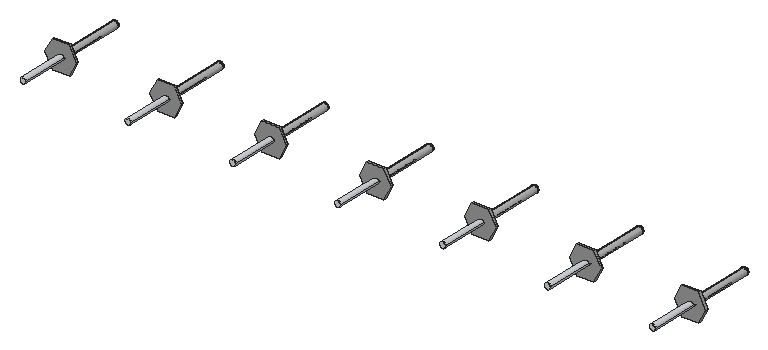
Revit family "Dorn LD - type - Kopi", category Generic Models, Revit 2019
Family settings
  Can host rebar = No
  Round Connector Dimension = Use Diameter
  Part Type = Normal
  Work Plane-Based = Yes
  Always vertical = No
  Cut with Voids When Loaded = No
  Shared = No
  Room Calculation Point = No
Parameters (values of type "16/270 A4")
  Website Link [instance] = "https://haucon.dk/produkt/dorn-ld/#variations"
  Total Width = 270 mm
  Total Length [instance] = 2440 mm
  Technical Data Sheet [instance] = "https://haucon.dk/wp-content/uploads/2018/02/TA-Dorn-LD-TI-DK.pdf"
  Metal = Stainless Steel A4
  Height Dowel [instance] = 0 mm
  Dowel count [instance] = (Total Length / Distance) - 1  # 7
  Distance from start [instance] = 300 mm
  Distance [instance] = 300 mm
  Diameter = 16 mm
  Default Elevation = 1219.2 mm
Reference planes
  plane 1 "Center (Front/Back)": y = 0
  plane 2: z = 0
  plane 3 "Center (Left/Right)": x = 0
  plane 4: x = 2440
  plane 5: x = 300
  plane 6: x = 600
  plane 7: x = 900
  plane 8: x = 1200
  plane 9: x = 1500
  plane 10: x = 1800
  plane 11: x = 2100
Dimensions and locks
  equal spacing: group 1, group 2, group 3, group 4, group 5, group 6, group 7  (x3)
  "Total Length": plane 3 "Center (Left/Right)" to plane 4
  "Distance from start": plane 3 "Center (Left/Right)" to plane 5
  "Distance": plane 5 to plane 6
  aligned and locked: level to plane 2
Nested families
  nested 1: "Family1" at (273.576, 0, 0), Diameter <- "Diameter", Height Dowel <- "Height Dowel", Total Width <- "Total Width", type "Family1"
    with Total Width 270 mm, Height Dowel 0 mm, Diameter 16 mm
  nested 2: "Family1" at (573.576, 0, 0), Diameter <- "Diameter", Height Dowel <- "Height Dowel", Total Width <- "Total Width", type "Family1"
    with Total Width 270 mm, Height Dowel 0 mm, Diameter 16 mm
  nested 3: "Family1" at (873.576, 0, 0), Diameter <- "Diameter", Height Dowel <- "Height Dowel", Total Width <- "Total Width", type "Family1"
    with Total Width 270 mm, Height Dowel 0 mm, Diameter 16 mm
  nested 4: "Family1" at (1173.576, 0, 0), Diameter <- "Diameter", Height Dowel <- "Height Dowel", Total Width <- "Total Width", type "Family1"
    with Total Width 270 mm, Height Dowel 0 mm, Diameter 16 mm
  nested 5: "Family1" at (1473.576, 0, 0), Diameter <- "Diameter", Height Dowel <- "Height Dowel", Total Width <- "Total Width", type "Family1"
    with Total Width 270 mm, Height Dowel 0 mm, Diameter 16 mm
  nested 6: "Family1" at (1773.576, 0, 0), Diameter <- "Diameter", Height Dowel <- "Height Dowel", Total Width <- "Total Width", type "Family1"
    with Total Width 270 mm, Height Dowel 0 mm, Diameter 16 mm
  nested 7: "Family1" at (2073.576, 0, 0), Diameter <- "Diameter", Height Dowel <- "Height Dowel", Total Width <- "Total Width", type "Family1"
    with Total Width 270 mm, Height Dowel 0 mm, Diameter 16 mm
  nested 8: "Glidehylse_LD_16-20 type" at (300, 0, 0) x (0, 1, 0) z (0, 0, 1), type "LD16_Part_S_A4"
    with Elevation Height 0 mm
  nested 9: "Glidehylse_LD_16-20 type" at (600, 0, 0) x (0, 1, 0) z (0, 0, 1), type "LD16_Part_S_A4"
    with Elevation Height 0 mm
  nested 10: "Glidehylse_LD_16-20 type" at (900, 0, 0) x (0, 1, 0) z (0, 0, 1), type "LD16_Part_S_A4"
    with Elevation Height 0 mm
  nested 11: "Glidehylse_LD_16-20 type" at (1200, 0, 0) x (0, 1, 0) z (0, 0, 1), type "LD16_Part_S_A4"
    with Elevation Height 0 mm
  nested 12: "Glidehylse_LD_16-20 type" at (1500, 0, 0) x (0, 1, 0) z (0, 0, 1), type "LD16_Part_S_A4"
    with Elevation Height 0 mm
  nested 13: "Glidehylse_LD_16-20 type" at (1800, 0, 0) x (0, 1, 0) z (0, 0, 1), type "LD16_Part_S_A4"
    with Elevation Height 0 mm
  nested 14: "Glidehylse_LD_16-20 type" at (2100, 0, 0) x (0, 1, 0) z (0, 0, 1), type "LD16_Part_S_A4"
    with Elevation Height 0 mm
Definition of nested family "Family1"
  Parameters (values of type "Family1")
    Total Width [instance] = 320 mm
    Height Dowel [instance] = 100 mm
    Diameter [instance] = 20 mm
    Default Elevation = 1219.2 mm
  Reference planes
    plane 1 "Center (Front/Back)": y = 0
    plane 2: z = 0
    plane 3 "Center (Left/Right)": x = 0
    plane 4: y = 160
    plane 5: y = -160
    plane 6: x = -140
    plane 7: x = 140
    plane 8 "Dowel Height": z = 100
  Forms (mm)
    Extrusion 1, solid
      sketch origin (8.617, 0, 0) x (1, 0, 0) y (0, 0, 1)
        loop
          circle (17.807, 100) r 10
      from -160 to 160
  Dimensions and locks
    plane 6 to plane 7 = 280 mm
    equal spacing: plane 6, plane 3 "Center (Left/Right)", plane 7
    equal spacing: plane 4, plane 1 "Center (Front/Back)", plane 5
    "Total Width": plane 4 to plane 5
    "Height Dowel": plane 8 "Dowel Height" to level
    "Diameter": diameter of Extrusion 1 sketch curve
    aligned and locked: level to plane 2
    aligned and locked: plane 8 "Dowel Height" to Extrusion 1
    aligned and locked: plane 4 to Extrusion 1
    aligned and locked: plane 5 to Extrusion 1
  Automatic sketch dimensions
    Extrusion 1 sketch curve to plane 8 "Dowel Height" = 0 mm
    plane 3 "Center (Left/Right)" to Extrusion 1 sketch curve = 26.424 mm
Definition of nested family "Glidehylse_LD_16-20 type"
  Parameters (values of type "LD16_Part_S_A4")
    Website Link = "https://haucon.dk/produkt/dorn-ld/#variations"
    Total Length = 195 mm
    Technical Data Sheet = "https://haucon.dk/wp-content/uploads/2018/02/TA-Dorn-LD-TI-DK.pdfhttps://haucon.dk/wp-content/uploads/2018/02/TA-Dorn-LD-TI-DK.pdf"
    Sleeve Inner Diameter = 17 mm
    Head = none
    Hexagon Height = 5 mm
    Hexagon Diameter = 80 mm
    Elevation Height = 100 mm
    Default Elevation = 1219.2 mm
    Cylinder = none
    Cap Height = 5 mm
    Base = none
  Types (5, lengths in mm): name | Total Length | Technical Data Sheet | Sleeve Inner Diameter
    (no name) | 195 | "https://haucon.dk/wp-content/uploads/2018/02/TA-Dorn-LD-TI-DK.pdfhttps://haucon.dk/wp-content/uploads/2018/02/TA-Dorn-LD-TI-DK.pdf" | 17
    LD16_Part_S_A4 | 195 | "https://haucon.dk/wp-content/uploads/2018/02/TA-Dorn-LD-TI-DK.pdfhttps://haucon.dk/wp-content/uploads/2018/02/TA-Dorn-LD-TI-DK.pdf" | 17
    LD20_Part_S_A4 | 220 | "https://haucon.dk/wp-content/uploads/2018/02/TA-Dorn-LD-TI-DK.pdf" | 21
    LD20_Part_P | 220 | "https://haucon.dk/wp-content/uploads/2018/02/TA-Dorn-LD-TI-DK.pdf" | 21
    LD16_Part_P | 195 | "https://haucon.dk/wp-content/uploads/2018/02/TA-Dorn-LD-TI-DK.pdfhttps://haucon.dk/wp-content/uploads/2018/02/TA-Dorn-LD-TI-DK.pdf" | 17
  Reference planes
    plane 1 "Center (Front/Back)": y = 0
    plane 2: z = 0
    plane 3 "Center (Left/Right)": x = 0
    plane 4: x = 5
    plane 5: x = 190
    plane 6: x = 195
    plane 7: z = 100
    plane 8: z = 91.5
    plane 9: z = 108.5
  Forms (mm)
    Revolve 1, solid, material <- "Cylinder"
      sketch origin (0, 0, 92.286) x (0, 0, -1) y (1, 0, 0)
        loop
          line (-17.714, 5) -> (-16.214, 5) -> (-16.214, 190) -> (-17.714, 190) -> (-17.714, 5)
        axis (-7.714, 190) -> (-7.714, 5)
      angle from 0 to 360
    Revolve 2, solid, material <- "Head"
      sketch origin (0, 0, 89.786) x (0, 0, -1) y (1, 0, 0)
        loop
          line (-20.214, 190) -> (-18.714, 190) -> (-18.714, 193.5) -> (-10.214, 193.5) -> (-10.214, 195) -> (-18.753, 195)
          arc (-18.753, 195) -> (-19.786, 194.572) -> (-20.214, 193.539) r 1.461
          line (-20.214, 193.539) -> (-20.214, 190)
        axis (-10.214, 195) -> (-10.214, 190)
      angle from 0 to 360
    Extrusion 3, solid, material <- "Base"
      sketch origin (0, 0, -50) x (0, 1, 0) y (0, 0, 1)
        loop
          line (44.91, 150) -> (24.313, 190) -> (-24.476, 190) -> (-45.073, 150) -> (-24.476, 110) -> (24.313, 110) -> (44.91, 150)
      from 0 to 5
  Dimensions and locks
    equal spacing: plane 9, plane 7, plane 8
    "Sleeve Inner Diameter": plane 9 to plane 8
    "Cap Height": plane 6 to plane 5
    "Hexagon Height": plane 4 to plane 3 "Center (Left/Right)"
    "Elevation Height": plane 7 to level
    "Total Length": plane 6 to plane 3 "Center (Left/Right)"
    locked: Extrusion 3 sketch curve to Extrusion 3 sketch curve at 80  (x3)
    aligned and locked: level to plane 2
    aligned and locked: Revolve 1 to plane 4
    aligned and locked: plane 9 to Revolve 1 sketch curve
    aligned and locked: plane 7 to Revolve 1 sketch curve
    aligned and locked: Revolve 2 sketch curve to plane 9
    aligned and locked: plane 7 to Revolve 2 sketch curve  (x2)
    aligned and locked: plane 5 to Revolve 2 sketch curve
    aligned and locked: Revolve 2 sketch curve to plane 6
    aligned and locked: Revolve 1 sketch curve to plane 5
    aligned and locked: Extrusion 3 to plane 7
  Automatic sketch dimensions
    Revolve 2 sketch curve to Revolve 2 sketch curve = 0.711 mm
    Revolve 2 sketch curve to Revolve 2 sketch curve = 0.039 mm  (x2)
    Revolve 2 sketch curve to Revolve 2 sketch curve = 1.739 mm
    Revolve 2 sketch curve to Revolve 2 sketch curve = 1.461 mm
    Revolve 1 sketch curve to plane 4 = 0 mm
    Revolve 1 sketch curve to Revolve 1 sketch curve = 1.5 mm
    Revolve 1 sketch curve to plane 5 = 15.148 mm
    Revolve 1 sketch curve to plane 5 = 0.148 mm
    plane 7 to Extrusion 3 sketch curve = 0 mm
    Extrusion 3 sketch curve to plane 1 "Center (Front/Back)" = 24.313 mm  (x2)
    Extrusion 3 sketch curve to plane 7 = 0 mm
    Extrusion 3 sketch curve to Extrusion 3 sketch curve = 20.597 mm
